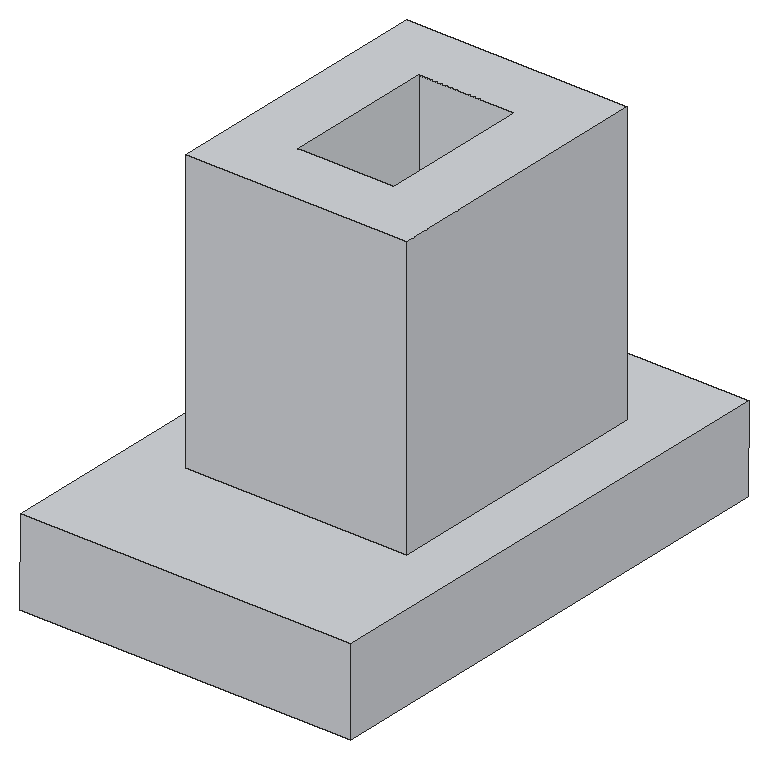
Revit family "ADSK_Фундамент_ЖбКолонна_1уступ", category Фундамент несущей конструкции, Revit 2017
Family settings
  Материал для поведения модели = Прочее
  Заглушка = Нет
  Номер OmniClass = 23.25.05.00
  Заголовок OmniClass = Foundations
  На основе рабочей плоскости = Нет
  Всегда вертикально = Да
  При загрузке вырезать с полостями = Нет
  Общий = Нет
Parameters
  Эксцентриситет по Х = 0 mm
  Эксцентриситет по Y = 0 mm
  Ширина стакана фундамента = 800 mm
  Ширина основания колонны = 300 mm
  Ширина = Ширина стакана фундамента + Свес подошвы влево + Свес подошвы вправо  # 1200 mm
  Уширение стакана колонны = 25 mm
  Толщина подошвы = 311.2 mm
  Смещение ширины расч = (Ширина стакана фундамента / 2) + Эксцентриситет по Х  # 400 mm
  Смещение длины расч = (Длина стакана фундамента / 2) + Эксцентриситет по Y  # 500 mm
  Свес подошвы назад = 500 mm
  Свес подошвы вправо = 200 mm
  Свес подошвы вперед = 300 mm
  Свес подошвы влево = 200 mm
  Материал несущих конструкций = none
  Длина стакана фундамента = 1000 mm
  Длина основания колонны = 500 mm
  Длина = Длина стакана фундамента + Свес подошвы вперед + Свес подошвы назад  # 1800 mm
  Глубина заделки колонны = 617.595 mm
  Высота стакана фундамента = 1017.595 mm
Reference planes
  plane 1 "По центру (Вперед/Назад)": y = 0
  plane 2: z = 0
  plane 3 "По центру (Влево/Вправо)": x = 0
  plane 4: x = -150
  plane 5: x = 150
  plane 6: y = 250
  plane 7: y = -250
  plane 8: z = 617.595
  plane 9: x = -400
  plane 10: x = 400
  plane 11: y = 500
  plane 12: y = -500
  plane 13 "Верх подошвы": z = -400
  plane 14: x = -600
  plane 15: x = 600
  plane 16: y = 800
  plane 17: y = -1000
  plane 18 "Основание": z = -711.2
  plane 19: z = -25
Forms (mm)
  Blend 1, void
    base sketch origin (0, 0, 0) x (1, 0, 0) y (0, 1, 0)
      loop
        line (-150, 250) -> (-150, -250) -> (150, -250) -> (150, 250) -> (-150, 250)
    top sketch origin (0, 0, 0) x (1, 0, 0) y (0, 1, 0)
      loop
        line (-175, 275) -> (-175, -275) -> (175, -275) -> (175, 275) -> (-175, 275)
    from -25 to 617.595
  Extrusion 2, solid, material <- "Материал несущих конструкций"
    sketch origin (0, 0, -400) x (-1, 0, 0) y (0, -1, 0)
      loop
        line (400, -500) -> (400, 500) -> (-400, 500) -> (-400, -500) -> (400, -500)
    from 0 to 1017.595
  Extrusion 3, solid, material <- "Материал несущих конструкций"
    sketch origin (0, 0, -711.2) x (-1, 0, 0) y (0, -1, 0)
      loop
        line (600, -800) -> (600, 1000) -> (-600, 1000) -> (-600, -800) -> (600, -800)
    from 0 to 311.2
Cuts and joins
  Blend 1 cuts Extrusion 2
Dimensions and locks
  equal spacing: plane 4, plane 3 "По центру (Влево/Вправо)", plane 5
  equal spacing: plane 6, plane 1 "По центру (Вперед/Назад)", plane 7
  "Ширина основания колонны": plane 4 to plane 5
  "Длина основания колонны": plane 6 to plane 7
  "Глубина заделки колонны": plane 8 to level
  "Уширение стакана колонны": plane 5 to Blend 1 sketch curve
  "Уширение стакана колонны": plane 7 to Blend 1 sketch curve
  "Уширение стакана колонны": Blend 1 sketch curve to plane 4
  "Уширение стакана колонны": Blend 1 sketch curve to plane 6
  "Ширина стакана фундамента": plane 9 to plane 10
  "Длина стакана фундамента": plane 11 to plane 12
  "Смещение ширины расч": plane 9 to plane 3 "По центру (Влево/Вправо)"
  "Смещение длины расч": plane 12 to plane 1 "По центру (Вперед/Назад)"
  "Высота стакана фундамента": plane 8 to plane 13 "Верх подошвы"
  "Свес подошвы влево": plane 14 to plane 9
  "Свес подошвы вправо": plane 10 to plane 15
  "Свес подошвы вперед": plane 16 to plane 11
  "Свес подошвы назад": plane 12 to plane 17
  "Толщина подошвы": plane 13 "Верх подошвы" to plane 18 "Основание"
  "Уширение стакана колонны": plane 2 to plane 19
  aligned and locked: plane 2 to level
  aligned and locked: Blend 1 sketch curve to plane 6
  aligned and locked: plane 4 to Blend 1 sketch curve
  aligned and locked: plane 7 to Blend 1 sketch curve
  aligned and locked: plane 5 to Blend 1 sketch curve
  aligned and locked: plane 8 to Blend 1
  aligned and locked: Extrusion 2 sketch curve to plane 11
  aligned and locked: plane 9 to Extrusion 2 sketch curve
  aligned and locked: plane 12 to Extrusion 2 sketch curve
  aligned and locked: plane 10 to Extrusion 2 sketch curve
  aligned and locked: plane 8 to Extrusion 2
  aligned and locked: Extrusion 2 to plane 13 "Верх подошвы"
  aligned and locked: Extrusion 3 sketch curve to plane 14
  aligned and locked: plane 15 to Extrusion 3 sketch curve
  aligned and locked: plane 16 to Extrusion 3 sketch curve
  aligned and locked: plane 17 to Extrusion 3 sketch curve
  aligned and locked: plane 13 "Верх подошвы" to Extrusion 3
  aligned and locked: Blend 1 to plane 19
